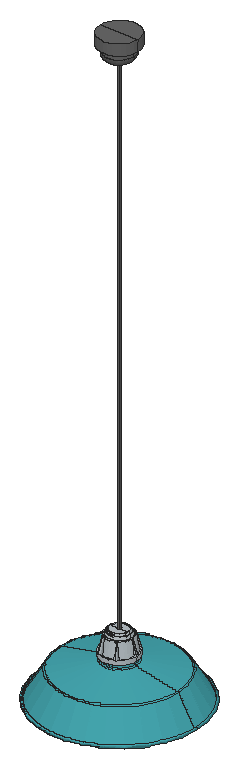
Revit family "Urban Warehouse WFU5 14,16,18,20,22", category Lighting Fixtures, Revit 2020
Family settings
  Round Connector Dimension = Use Diameter
  Part Type = Normal
  OmniClass Number = 23.80.70.00
  OmniClass Title = Lighting
  Work Plane-Based = No
  Always vertical = Yes
  Cut with Voids When Loaded = No
  Light Source = Yes
  Shared = No
  Room Calculation Point = No
Parameters (values of type "WFU522")
  b = 0' - 3"
  a = 0' - 10"
  Weight = "5.7 lb"
  Wattage Comments = "200 W Max"  # constant formula
  Wattage = 9.2903 W
  Warranty = "5 year limited warranty"  # constant formula
  WFU522 = yes
  WFU520 = no
  WFU518 = no
  WFU516 = no
  WFU514 = no
  built-in parameter 1150110 = 1 (stored number, unit not read)
  Voltage = 120 V
  URL = "https://www.anplighting.com/assets/Uploads/product-attachments/specification-sheets/ANP-Specification-Sheet-INC-WFU522.pdf"
  built-in parameter 1114217 = 1 (stored number, unit not read)
  Tilt Angle = 90.00°
  built-in parameter 1150109 = 1 (stored number, unit not read)
  built-in parameter 1150134 = 3
  built-in parameter 1150113 = 1 (stored number, unit not read)
  Photometric Web File = "generic"
  built-in parameter 1150142 = (empty or 0)
  Mounting Option [instance] = 1
  Power Factor = 1
  Post Mount [instance] = Mounting Option = 5  # no
  Placement X axis side [instance] = if(Post Mount, 2' 2 15/32", if(Cord or Stem Mount, 0' 0", if(E36 20 inch, 1' 8 1/4", if(E 6 26 inch, 2' 2", if(E7 41 inch, 3' 5 1/4", 0' 1")))))  # 0' - 0"
  Model = "WFU522"
  Manufacturer = "ANP Lighting"  # constant formula
  built-in parameter 1150105 = 109.82 (stored number, unit not read)
  Lumens = 1380 lm
  built-in parameter 1150115 = 1 (stored number, unit not read)
  Load Classification = Lighting
  Light Source Height [instance] = 0' - 0"
  built-in parameter 1150137 = (empty or 0)
  built-in parameter 1150139 = (empty or 0)
  Light Elevation _2 [instance] = if(Post Mount, 0' 0.66142", if(E7 41 inch, 0' 0.66142", if(E36 20 inch, 0' 1.65748", if(E 6 26 inch, 0' 1.53543", if(Cord or Stem Mount, (0' 4.3622" + Cord Length), 0' 0")))))  # 6' - 4.3622"
  Light Elevation _1 [instance] = if(Post Mount, 0' 0", if(E7 41 inch, 0' 0", if(E36 20 inch, 0' 1", if(E 6 26 inch, 0' 0.87402", if(Cord or Stem Mount, (0' 3.66142" + Cord Length), 0' 0")))))  # 6' - 3.66142"
  Light Elevation [instance] = if(Post Mount, 14' 0.5315", if(E7 41 inch, 0' 0", 0' 0"))  # 0' - 0"
  Life = "L70 50,000 hours"  # constant formula
  built-in parameter 1150112 = 1 (stored number, unit not read)
  built-in parameter 1150114 = 1 (stored number, unit not read)
  Lamp = "Incandescent"  # constant formula
  built-in parameter 1150132 = (empty or 0)
  built-in parameter 1150102 = (empty or 0)
  built-in parameter 1150107 = 3200 (stored number, unit not read)
  built-in parameter 1150138 = (empty or 0)
  built-in parameter 1150106 = 1.0982 (stored number, unit not read)
  HUB = Putty
  Fixture Height = 0' - 9 1/8"
  Fixture Diameter = 1' - 10"
  Efficiency = "65-125 lumens per watt"  # constant formula
  built-in parameter 1150104 = 13.8 (stored number, unit not read)
  E7 41 inch [instance] = Mounting Option = 4  # no
  E36 20 inch [instance] = Mounting Option = 3  # no
  E 6 26 inch [instance] = Mounting Option = 2  # no
  Dimming Lamp Color Temperature Shift = <None>
  Dimming = "1%"  # constant formula
  Description = "120-277 Voltage"  # constant formula
  Default Elevation = 0' - 0"
  Cord or Stem Mount [instance] = Mounting Option = 1  # yes
  Cord Length option [instance] = 0
  Cord Length [instance] = if([2' Cord], 2' 0", if([4' Cord], 4' 0", if([8' Cord], 8' 0", if([10' Cord], 10' 0", if([6' Cord], 6' 0", 6' 0")))))  # 6' - 0"
  Construction Material = "Heavy Duty spun aluminum."  # constant formula
  Color Filter = 16777215
  Canopy Body = Aqua Green
  CRI = ">90"  # constant formula
  Body Material = body
  Body Colour = "Spun aluminium"  # constant formula
  built-in parameter 1114218 = 1 (stored number, unit not read)
  BULB = yes
  built-in parameter 1150133 = 10 (stored number, unit not read)
  Apparent Load = 200 VA
  8' Cord [instance] = Cord Length option = 8  # no
  6' Cord [instance] = Cord Length option = 6  # no
  4' Cord [instance] = Cord Length option = 4  # no
  2' Cord [instance] = Cord Length option = 2  # no
  10' Cord [instance] = Cord Length option = 10  # no
Reference planes (in)
  plane 1 "Light Source Axis (F/B)": y = 0
  plane 2: z = 0
  plane 3 "Light Source Axis (L/R)": x = 0
  plane 4 "Light Source Elevation": z = 0
  plane 5: z = 0
  plane 6: x = 0
  plane 7 "Bulb Position": z = -76.3622
  plane 8 "Canopy Position": z = -75.66142
  plane 9 "IES": z = -76.3622
  plane 10: z = 164.5315
  plane 11: z = -85.66142
  plane 12: z = -82.66142
  plane 13: z = -80.23029
Dimensions and locks (in)
  "Light Elevation": plane 5 to plane 2
  "Placement X axis side": plane 6 to plane 3 "Light Source Axis (L/R)"
  "Light Elevation _2": plane 5 to plane 7 "Bulb Position"
  "Light Elevation _1": plane 5 to plane 8 "Canopy Position"
  "Light Source Height": plane 7 "Bulb Position" to plane 9 "IES"
  locked: plane 4 "Light Source Elevation" to plane 2
  "a": plane 8 "Canopy Position" to plane 11
  "b": plane 12 to plane 11
  locked: plane 13 to plane 12 at 2.43113
  aligned and locked: level to plane 2
  aligned and locked: plane 1 "Light Source Axis (F/B)" to nested 5
  aligned and locked: nested 5 to plane 2
  aligned and locked: nested 1 to plane 3 "Light Source Axis (L/R)"
  aligned and locked: plane 3 "Light Source Axis (L/R)" to nested 2
  aligned and locked: plane 3 "Light Source Axis (L/R)" to nested 4
  aligned and locked: nested 3 to plane 5
  aligned and locked: plane 3 "Light Source Axis (L/R)" to nested 3
  aligned and locked: plane 1 "Light Source Axis (F/B)" to nested 2
  aligned and locked: plane 1 "Light Source Axis (F/B)" to nested 1
  aligned and locked: plane 1 "Light Source Axis (F/B)" to nested 4
  aligned and locked: plane 1 "Light Source Axis (F/B)" to nested 3
  aligned and locked: plane 2 to nested 1
  aligned and locked: plane 2 to nested 2
  aligned and locked: nested 4 to plane 2
  aligned and locked: imposter light to plane 6
  aligned and locked: plane 12 to imposter light
  aligned and locked: imposter light to plane 1 "Light Source Axis (F/B)"
  aligned and locked: plane 1 "Light Source Axis (F/B)" to nested 10
  aligned and locked: plane 3 "Light Source Axis (L/R)" to nested 10
  aligned and locked: plane 1 "Light Source Axis (F/B)" to nested 6
  aligned and locked: plane 1 "Light Source Axis (F/B)" to nested 7
  aligned and locked: plane 1 "Light Source Axis (F/B)" to nested 8
  aligned and locked: plane 1 "Light Source Axis (F/B)" to nested 9
  aligned and locked: plane 8 "Canopy Position" to nested 10
  aligned and locked: nested 6 to plane 8 "Canopy Position"
  aligned and locked: nested 7 to plane 8 "Canopy Position"
  aligned and locked: nested 8 to plane 8 "Canopy Position"
  aligned and locked: plane 8 "Canopy Position" to nested 9
  aligned and locked: plane 3 "Light Source Axis (L/R)" to nested 6
  aligned and locked: plane 3 "Light Source Axis (L/R)" to nested 7
  aligned and locked: plane 3 "Light Source Axis (L/R)" to nested 8
  aligned and locked: plane 3 "Light Source Axis (L/R)" to nested 9
Nested families (in)
  nested 1: "CORD OR STEM MOUNT" at (0, 0, -75.67), visible <- "Cord or Stem Mount", Cord or Stem Mount <- "Cord or Stem Mount", Body Material <- "Body Material", Light Elevation <- "Light Elevation", Cord Length <- "Cord Length", 10' Cord <- "10' Cord", 2' Cord <- "2' Cord", 4' Cord <- "4' Cord", 6' Cord <- "6' Cord", 8' Cord <- "8' Cord", type "CORD OR STEM MOUNT"
    with Light Elevation 0' - 0", Cord or Stem Mount yes, Cord Length 6' - 0", Body Material body, 8' Cord no, 6' Cord no, 4' Cord no, 2' Cord no, 10' Cord no
  nested 2: "E6 26 INCH" at (0, 0, 0), visible <- "E 6 26 inch", Chain Length <- "Cord Length", E 6 26 inch <- "E 6 26 inch", Placement X axis side <- "Placement X axis side", Body Material <- "Body Material", Light Elevation <- "Light Elevation", type "E6 26 INCH"
    with Placement X axis side 0' - 0", Light Elevation 0' - 0", E 6 26 inch no, Chain Length 6' - 0", Body Material body
  nested 3: "E7 41 INCH" at (0, 0, 0), Chain Length <- "Cord Length", visible <- "E7 41 inch", E7 41 inch <- "E7 41 inch", Placement X axis side <- "Placement X axis side", Body Material <- "Body Material", Light Elevation <- "Light Elevation", type "E7 41 INCH"
    with Placement X axis side 0' - 0", Light Elevation 0' - 0", E7 41 inch no, Chain Length 6' - 0", Body Material body
  nested 4: "E36 20 INCH" at (0, 0, 0), visible <- "E36 20 inch", E36 20 inch <- "E36 20 inch", Placement X axis side <- "Placement X axis side", Chain Length <- "Cord Length", Body Material <- "Body Material", Light Elevation <- "Light Elevation", type "E36 20 INCH"
    with Placement X axis side 0' - 0", Light Elevation 0' - 0", E36 20 inch no, Chain Length 6' - 0", Body Material body
  nested 5: "POST MOUNT" at (0, 0, 0), visible <- "Post Mount", Post Mount <- "Post Mount", Placement X axis side <- "Placement X axis side", Chain Length <- "Cord Length", Body Material <- "Body Material", Light Elevation <- "Light Elevation", type "POST MOUNT"
    with Post Mount no, Placement X axis side 0' - 0", Light Elevation 0' - 0", Chain Length 6' - 0", Body Material body
  nested 6: "WFU516_1" at (0, 0, -75.66142), WFU516 <- "WFU516", visible <- "WFU516", Body <- "Canopy Body", HUB <- "HUB", Light Elevation <- "Light Elevation", type "WFU516_1"
    with WFU516 no, Light Elevation 0' - 0", HUB Putty, Body Aqua Green
  nested 7: "WFU518_1" at (0, 0, -75.66142), WFU518 <- "WFU518", visible <- "WFU518", Body <- "Canopy Body", HUB <- "HUB", Light Elevation <- "Light Elevation", type "WFU518_1"
    with WFU518 no, Light Elevation 0' - 0", HUB Putty, Body Aqua Green
  nested 8: "WFU520_1" at (0, 0, -75.66142), WFU520 <- "WFU520", visible <- "WFU520", Body <- "Canopy Body", HUB <- "HUB", Light Elevation <- "Light Elevation", type "WFU520_1"
    with WFU520 no, Light Elevation 0' - 0", HUB Putty, Body Aqua Green
  nested 9: "WFU522_1" at (0, 0, -75.66142), WFU522 <- "WFU522", visible <- "WFU522", Body <- "Canopy Body", HUB <- "HUB", Light Elevation <- "Light Elevation", type "WFU522_1"
    with WFU522 yes, Light Elevation 0' - 0", HUB Putty, Body Aqua Green
  nested 10: "WFU514_1" at (0, 0, -75.66142), WFU514 <- "WFU514", visible <- "WFU514", Body <- "Canopy Body", HUB <- "HUB", Light Elevation <- "Light Elevation", type "WFU514_1"
    with WFU514 no, Light Elevation 0' - 0", HUB Putty, Body Aqua Green
Definition of nested family "CORD OR STEM MOUNT"
  Parameters (values of type "CORD OR STEM MOUNT")
    URL = ""
    Model = ""
    Manufacturer = ""
    Light Elevation [instance] = 1' - 7.69"
    Default Elevation = 0' - 0"
    Cord or Stem Mount [instance] = yes
    Cord Length [instance] = 6' - 0"
    Body Material [instance] = none
    8' Cord [instance] = no
    6' Cord [instance] = no
    4' Cord [instance] = no
    2' Cord [instance] = no
    10' Cord [instance] = no
  Reference planes (in)
    plane 1 "Light Source Axis (F/B)": y = 0
    plane 2: z = 0
    plane 3 "Light Source Axis (L/R)": x = 0
    plane 4 "Light Source Elevation": z = 23.125
    plane 5: z = 91.69
    plane 6: z = 19.69
  Forms (in)
    Extrusion 1, void, not visible
      sketch origin (0, 0, 2.38154) x (1, 0, 0) y (0, 0, 1)
        loop
          circle (0, 4.59925) r 0.16583
      from 1.18594 to 1.75
    Extrusion 2, void, not visible
      sketch origin (0, 0, 2.38154) x (0.707107, -0.707107, 0) y (0, 0, 1)
        loop
          circle (0, 4.59925) r 0.16583
      from 1.18594 to 1.75
    Extrusion 3, void, not visible
      sketch origin (0, 0, 2.38154) x (0.707107, 0.707107, 0) y (0, 0, 1)
        loop
          circle (0, 4.59925) r 0.16583
      from 1.18594 to 1.75
    Extrusion 4, void, not visible
      sketch origin (0, 0, 2.38154) x (0, 1, 0) y (0, 0, 1)
        loop
          circle (0, 4.59925) r 0.16583
      from 1.18594 to 1.75
    Extrusion 5, void, not visible
      sketch origin (0, 0, 2.38154) x (-0.707107, 0.707107, 0) y (0, 0, 1)
        loop
          circle (0, 4.59925) r 0.16583
      from 1.18594 to 1.75
    Extrusion 6, void, not visible
      sketch origin (0, 0, 2.38154) x (-1, 0, 0) y (0, 0, 1)
        loop
          circle (0, 4.59925) r 0.20678
      from 1.18594 to 1.75
    Extrusion 7, void, not visible
      sketch origin (0, 0, 2.38154) x (-0.707107, -0.707107, 0) y (0, 0, 1)
        loop
          circle (0, 4.59925) r 0.16583
      from 1.18594 to 1.75
    Extrusion 8, void, not visible
      sketch origin (0, 0, 2.38154) x (0, -1, 0) y (0, 0, 1)
        loop
          circle (0, 4.59925) r 0.16583
      from 1.18594 to 1.75
    Revolve 9, solid, material <- "Body Material", visible <- "Cord or Stem Mount"
      sketch origin (0, 0, 174.56698) x (1, 0, 0) y (0, 0, 1)
        loop
          line (2.6875, -79.20698) -> (0, -79.20698) -> (0, -82.87698) -> (0.125, -82.87698) -> (0.125, -82.83698) -> (0.75, -82.83698)
          arc (0.75, -82.83698) -> (0.81694, -82.77004) -> (0.75, -82.7031) r 0.06694
          line (0.75, -82.7031) -> (0.89763, -82.7031) -> (1.00223, -82.5985) -> (1.06587, -82.5985)
          arc (1.06587, -82.5985) -> (1.80099, -82.29401) -> (2.10549, -81.55888) r 1.03962
          line (2.10549, -81.55888) -> (2.10549, -81.03899)
          arc (2.10549, -81.03899) -> (2.12951, -80.981) -> (2.1875, -80.95698) r 0.08201
          line (2.1875, -80.95698) -> (2.1875, -80.70698) -> (2.6875, -80.70698) -> (2.6875, -79.20698)
        axis (0, -79.20698) -> (0, -82.87698)
      angle from 0 to 360
    Revolve 10, solid, material <- "Body Material", visible <- "Cord or Stem Mount"
      sketch origin (0, 0, 0) x (1, 0, 0) y (0, 0, 1)
        loop
          line (0, 91.69) -> (-0.125, 91.69) -> (-0.125, 19.69) -> (0, 19.69) -> (0, 91.69)
        axis (0, 19.69) -> (0, 91.69)
      angle from 0 to 360
  Dimensions and locks (in)
    "Light Elevation": plane 6 to plane 2
    "Cord Length": plane 5 to plane 6
    locked: Revolve 10 sketch curve to Revolve 10 sketch curve at 0.125
    aligned and locked: level to plane 2
    aligned and locked: Revolve 10 sketch curve to plane 3 "Light Source Axis (L/R)"
    aligned and locked: Revolve 10 sketch curve to plane 6
    aligned and locked: Revolve 10 sketch curve to plane 5
    aligned and locked: plane 3 "Light Source Axis (L/R)" to Revolve 10 sketch curve
  Automatic sketch dimensions
    Revolve 9 sketch curve to plane 3 "Light Source Axis (L/R)" = 0' - 0"  (x2)
    Revolve 9 sketch curve to plane 5 = 0' - 0"
    plane 3 "Light Source Axis (L/R)" to Revolve 9 sketch curve = 0' - 0 1/8"
    Revolve 9 sketch curve to plane 5 = 0' - 0.17388"
    Revolve 9 sketch curve to Revolve 9 sketch curve = 0' - 0 5/8"
    Revolve 9 sketch curve to Revolve 9 sketch curve = 0' - 0.14763"
    Revolve 9 sketch curve to plane 5 = 0' - 0.27847"
    Revolve 9 sketch curve to Revolve 9 sketch curve = 0' - 0.1046"
    Revolve 9 sketch curve to Revolve 9 sketch curve = 0' - 0.06364"
    Revolve 9 sketch curve to Revolve 9 sketch curve = 0' - 1.03962"
    Revolve 9 sketch curve to Revolve 9 sketch curve = 0' - 0 21/256"
    Revolve 9 sketch curve to Revolve 9 sketch curve = 0' - 0 1/2"  (x2)
    Revolve 9 sketch curve to Revolve 9 sketch curve = 0' - 0.51989"
    Revolve 9 sketch curve to Revolve 9 sketch curve = 0' - 0 1/4"
    Revolve 9 sketch curve to Revolve 9 sketch curve = 0' - 2.3519"
    Revolve 9 sketch curve to Revolve 9 sketch curve = 0' - 1 1/4"
    Revolve 9 sketch curve to Revolve 9 sketch curve = 0' - 0.04"
    Revolve 10 sketch curve to Revolve 10 sketch curve = 0' - 0 1/2"
    Revolve 10 sketch curve to Revolve 10 sketch curve = 0' - 0.42345"
Definition of nested family "WFU522_1"
  Parameters (values of type "WFU522_1")
    WFU522 [instance] = yes
    Light Elevation [instance] = 2' - 4.50963"
    HUB [instance] = none
    Default Elevation = 0' - 0"
    Body [instance] = none
  Reference planes (in)
    plane 1 "Center (Front/Back)": y = 0
    plane 2: z = 0
    plane 3 "Center (Left/Right)": x = 0
    plane 4: z = 28.50963
  Dimensions and locks (in)
    "Light Elevation": plane 4 to plane 2
    aligned and locked: plane 2 to level
    aligned and locked: plane 3 "Center (Left/Right)" to nested 1
    aligned and locked: plane 1 "Center (Front/Back)" to nested 1
    aligned and locked: plane 4 to nested 1
  Nested families (in)
    nested 1: "WFU522" at (0, 0, 19.38463), Body <- "Body", HUB <- "HUB", visible <- "WFU522", WFU522 <- "WFU522", type "WFU522"
      with WFU522 yes, HUB none, Body none
  Definition of nested family "WFU522"
    Parameters (values of type "WFU522")
      WFU522 [instance] = yes
      Body [instance] = none
      HUB [instance] = none
      Default Elevation = 0' - 0"
    Reference planes (in)
      plane 1 "Center (Front/Back)": y = 0
      plane 2: z = 0
      plane 3 "Center (Left/Right)": x = 0
      plane 4: z = 9.125
      plane 5: x = 11
      plane 6: x = -11
    Forms (in)
      Revolve 1, solid, material <- "HUB"
        sketch origin (0, 0, 0) x (1, 0, 0) y (0, 0, 1)
          loop
            arc (-1.26101, 9.125) -> (-1.28251, 9.11874) -> (-1.29727, 9.1019) r 0.04
            line (-1.29727, 9.1019) -> (-1.3986, 8.88459) -> (-1.49143, 8.88459)
            arc (-1.49143, 8.88459) -> (-1.51437, 8.87736) -> (-1.52902, 8.85827) r 0.04
            line (-1.52902, 8.85827) -> (-1.65794, 8.50405) -> (-1.82304, 8.50405)
            arc (-1.82304, 8.50405) -> (-1.84862, 8.4948) -> (-1.86237, 8.47134) r 0.04
            line (-1.86237, 8.47134) -> (-2.24058, 6.43159) -> (-2.5, 6.43159) -> (-2.5, 5.84434) -> (-2.28, 5.84434) -> (-2.28, 6.22434) -> (-2, 6.47434) -> (-1.6, 6.47434) -> (-1.34987, 8.25414)
            arc (-1.34987, 8.25414) -> (-1.26631, 8.40802) -> (-1.1023, 8.46934) r 0.25
            line (-1.1023, 8.46934) -> (-0.28, 8.46934) -> (-0.28, 9.125) -> (-1.26101, 9.125)
          axis (0, 9.125) -> (0, 5.84434)
        angle from 0 to 360
      Revolve 2, solid, material <- "Body"
        sketch origin (0, 0, 0.01514) x (1, 0, 0) y (0, 0, 1)
          loop
            line (-1.76269, 6.43159) -> (-1.85684, 6.43159) -> (-2.24983, 6.0386) -> (-2.24983, 5.3786)
            arc (-2.24983, 5.3786) -> (-2.29421, 5.25424) -> (-2.40729, 5.18607) r 0.19643
            line (-2.40729, 5.18607) -> (-8.25196, 4.00294)
            arc (-8.25196, 4.00294) -> (-8.35182, 3.96108) -> (-8.42793, 3.88406) r 0.2763
            line (-8.42793, 3.88406) -> (-10.72164, 0.13863)
            arc (-10.72164, 0.13863) -> (-10.76655, 0.09509) -> (-10.82689, 0.07858) r 0.12571
            arc (-10.82689, 0.07858) -> (-10.90598, 0.16764) -> (-10.80613, 0.23258) r 0.07857
            line (-10.80613, 0.23258) -> (-10.77991, 0.32258)
            arc (-10.77991, 0.32258) -> (-10.99889, 0.18016) -> (-10.82543, -0.01516) r 0.17232
            arc (-10.82543, -0.01516) -> (-10.7201, 0.01366) -> (-10.64169, 0.08967) r 0.21946
            line (-10.64169, 0.08967) -> (-8.34962, 3.83251)
            arc (-8.34962, 3.83251) -> (-8.29934, 3.8834) -> (-8.23336, 3.91106) r 0.18255
            line (-8.23336, 3.91106) -> (-2.38869, 5.09419)
            arc (-2.38869, 5.09419) -> (-2.22164, 5.19489) -> (-2.15608, 5.3786) r 0.29018
            line (-2.15608, 5.3786) -> (-2.15608, 5.99976) -> (-1.76269, 6.43159)
          axis (0, 6.43159) -> (0, -0.01516)
        angle from 0 to 360
      Revolve 3, solid, material <- "HUB"
        sketch origin (0, 0, 0) x (1, 0, 0) y (0, 0, 1)
          loop
            line (2.24058, 6.43159) -> (2.49108, 6.43159) -> (1.92916, 8.38082) -> (1.87916, 8.38082) -> (2.24058, 6.43159)
          axis (1.87916, 8.38082) -> (2.24891, 6.38669)
        angle from 0 to 360
      Revolve 4, solid, material <- "HUB"
        sketch origin (0, 0, 0) x (-1, 0, 0) y (0, 0, 1)
          loop
            line (2.24058, 6.43159) -> (2.49108, 6.43159) -> (1.92916, 8.38082) -> (1.87916, 8.38082) -> (2.24058, 6.43159)
          axis (1.87916, 8.38082) -> (2.24891, 6.38669)
        angle from 0 to 360
      Revolve 5, solid, material <- "HUB"
        sketch origin (0, 0, 0) x (0.5, 0.866025, 0) y (0, 0, 1)
          loop
            line (2.24058, 6.43159) -> (2.49108, 6.43159) -> (1.92916, 8.38082) -> (1.87916, 8.38082) -> (2.24058, 6.43159)
          axis (1.87916, 8.38082) -> (2.24891, 6.38669)
        angle from 0 to 360
      Revolve 6, solid, material <- "HUB"
        sketch origin (0, 0, 0) x (-0.5, -0.866025, 0) y (0, 0, 1)
          loop
            line (2.24058, 6.43159) -> (2.49108, 6.43159) -> (1.92916, 8.38082) -> (1.87916, 8.38082) -> (2.24058, 6.43159)
          axis (1.87916, 8.38082) -> (2.24891, 6.38669)
        angle from 0 to 360
      Revolve 7, solid, material <- "HUB"
        sketch origin (0, 0, 0) x (-0.5, 0.866025, 0) y (0, 0, 1)
          loop
            line (2.24058, 6.43159) -> (2.49108, 6.43159) -> (1.92916, 8.38082) -> (1.87916, 8.38082) -> (2.24058, 6.43159)
          axis (1.87916, 8.38082) -> (2.24891, 6.38669)
        angle from 0 to 360
      Revolve 8, solid, material <- "HUB"
        sketch origin (0, 0, 0) x (0.5, -0.866025, 0) y (0, 0, 1)
          loop
            line (2.24058, 6.43159) -> (2.49108, 6.43159) -> (1.92916, 8.38082) -> (1.87916, 8.38082) -> (2.24058, 6.43159)
          axis (1.87916, 8.38082) -> (2.24891, 6.38669)
        angle from 0 to 360
    Dimensions and locks (in)
      plane 4 to plane 2 = 0' - 9 1/8"
      plane 5 to plane 3 "Center (Left/Right)" = 0' - 11"
      plane 6 to plane 5 = 1' - 10"
      aligned and locked: plane 2 to level
Definition of nested family "E6 26 INCH"
  Parameters (values of type "E6 26 INCH")
    URL = ""
    Placement X axis side [instance] = 2' - 2"
    Model = ""
    Manufacturer = ""
    Light Elevation [instance] = 8' - 4"
    E 6 26 inch [instance] = yes
    Default Elevation = 0' - 0"
    Chain Length [instance] = 0' - 0"
    Body Material [instance] = none
  Reference planes (in)
    plane 1 "Light Source Axis (F/B)": y = 0
    plane 2: z = 0
    plane 3 "Light Source Axis (L/R)": x = 0
    plane 4 "Light Source Elevation": z = 23.125
    plane 5: z = 100
    plane 6: x = -26
    plane 7: z = 99.125
    plane 8: x = -24.12
    plane 9: x = -25.5474
  Forms (in)
    Extrusion 1, void, not visible
      sketch origin (0, 0, 2.38154) x (1, 0, 0) y (0, 0, 1)
        loop
          circle (0, 4.59925) r 0.16583
      from 1.18594 to 1.75
    Extrusion 2, void, not visible
      sketch origin (0, 0, 2.38154) x (0.707107, -0.707107, 0) y (0, 0, 1)
        loop
          circle (0, 4.59925) r 0.16583
      from 1.18594 to 1.75
    Extrusion 3, void, not visible
      sketch origin (0, 0, 2.38154) x (0.707107, 0.707107, 0) y (0, 0, 1)
        loop
          circle (0, 4.59925) r 0.16583
      from 1.18594 to 1.75
    Extrusion 4, void, not visible
      sketch origin (0, 0, 2.38154) x (0, 1, 0) y (0, 0, 1)
        loop
          circle (0, 4.59925) r 0.16583
      from 1.18594 to 1.75
    Extrusion 5, void, not visible
      sketch origin (0, 0, 2.38154) x (-0.707107, 0.707107, 0) y (0, 0, 1)
        loop
          circle (0, 4.59925) r 0.16583
      from 1.18594 to 1.75
    Extrusion 6, void, not visible
      sketch origin (0, 0, 2.38154) x (-1, 0, 0) y (0, 0, 1)
        loop
          circle (0, 4.59925) r 0.20678
      from 1.18594 to 1.75
    Extrusion 7, void, not visible
      sketch origin (0, 0, 2.38154) x (-0.707107, -0.707107, 0) y (0, 0, 1)
        loop
          circle (0, 4.59925) r 0.16583
      from 1.18594 to 1.75
    Extrusion 8, void, not visible
      sketch origin (0, 0, 2.38154) x (0, -1, 0) y (0, 0, 1)
        loop
          circle (0, 4.59925) r 0.16583
      from 1.18594 to 1.75
    Sweep 9, solid, material <- "Body Material", visible <- "E 6 26 inch"
      path origin (-41.25, 0, 168.51693) x (1, 0, 0) y (0, 0, 1)
        loop
          line (17.13, -68.51693) -> (27.68551, -68.51693)
          arc (27.68551, -68.51693) -> (28.47996, -68.34486) -> (29.13202, -67.8595) r 1.92004
          line (29.13202, -67.8595) -> (34.23651, -62.01155)
          arc (34.23651, -62.01155) -> (38.65464, -60.89667) -> (41.25, -64.64193) r 4
          line (41.25, -64.64193) -> (41.25, -69.39193)
      profile origin (-18.84224, 0, 100) x (0, 0, 1) y (0, -1, 0)
        loop
          circle (0, 0) r 0.5
    Revolve 10, solid, material <- "Body Material", visible <- "E 6 26 inch"
      sketch origin (-26, 0, 168.51693) x (1, 0, 0) y (0, 0, 1)
        loop
          line (0, -66.07943) -> (0, -68.51693) -> (1.88, -68.51693) -> (1.88, -67.69272) -> (0.4526, -67.69272) -> (0.4526, -66.54122) -> (0.33125, -66.54122) -> (0.33125, -66.07943) -> (0, -66.07943)
        axis (0, -68.51693) -> (1.88, -68.51693)
      angle from 0 to 360
    Extrusion 11, solid, material <- "Body Material", visible <- "E 6 26 inch"
      sketch origin (-26, 0, 168.51693) x (0, -1, 0) y (0, 0, -1)
        loop
          line (0.25, 68.51693) -> (0.25, 69.51693) -> (-0.25, 69.51693) -> (-0.25, 68.51693) -> (0.25, 68.51693)
      from 0.4526 to 1.88
  Cuts and joins
    joined: Revolve 10, Extrusion 11
  Dimensions and locks (in)
    "Light Elevation": plane 5 to plane 2
    "Placement X axis side": plane 3 "Light Source Axis (L/R)" to plane 6
    locked: plane 5 to plane 7 at 0.875
    Revolve 10 sketch curve to Revolve 10 sketch curve to Revolve 10 sketch curve to plane 6 = 0' - 1.4274" locked, 0' - 0.12135" locked, 0' - 0.33125" locked
    Revolve 10 sketch curve to Revolve 10 sketch curve to Revolve 10 sketch curve to plane 5 = 0' - 0.46179" locked, 0' - 1.1515" locked, 0' - 0 211/256" locked
    locked: Sweep 9 sketch curve to plane 6 at 1.88
    locked: Sweep 9 sketch curve to Sweep 9 sketch curve at 10.55551
    locked: Sweep 9 sketch curve to Sweep 9 sketch curve at 13.56449
    locked: Sweep 9 sketch curve to Sweep 9 sketch curve at 4.75
    locked: plane 9 to plane 6 at 0.4526
    locked: plane 8 to plane 9 at 1.4274
    aligned and locked: level to plane 2
    aligned and locked: Revolve 10 sketch curve to plane 6
    aligned and locked: plane 5 to Revolve 10 sketch curve
    aligned and locked: Revolve 10 sketch curve to plane 5
    aligned and locked: cut or joined group of Revolve 10, Extrusion 11 to plane 9
    aligned and locked: plane 8 to cut or joined group of Revolve 10, Extrusion 11
  Automatic sketch dimensions
    Sweep 9 sketch curve to plane 5 = 0' - 0"
    Sweep 9 sketch curve to Sweep 9 sketch curve = 0' - 4"
    Sweep 9 sketch curve to Sweep 9 sketch curve = 0' - 3.01349"
    plane 5 to Sweep 9 sketch curve = 0' - 0.65743"
    Sweep 9 sketch curve to Sweep 9 sketch curve = 0' - 1.4465"
    Sweep 9 sketch curve to plane 5 = 0' - 0 7/8"
    profile plane to Sweep 9 sketch curve = 0' - 0"
    Sweep 9 sketch curve to profile plane = 0' - 0"
    plane 6 to Revolve 10 sketch curve = 0' - 0.62562"
    Revolve 10 sketch curve to Revolve 10 sketch curve = 0' - 0 1/2"
    Extrusion 11 sketch curve to plane 5 = 0' - 0"
    plane 1 "Light Source Axis (F/B)" to Extrusion 11 sketch curve = 0' - 0 1/4"
    Extrusion 11 sketch curve to plane 1 "Light Source Axis (F/B)" = 0' - 0 1/4"
    plane 5 to Extrusion 11 sketch curve = 0' - 1"
    radius of Sweep 9 sketch curve = 0' - 0 1/2"
Definition of nested family "E7 41 INCH"
  Parameters (values of type "E7 41 INCH")
    URL = ""
    Placement X axis side [instance] = 4' - 2"
    Model = ""
    Manufacturer = ""
    Light Elevation [instance] = 8' - 4"
    E7 41 inch [instance] = yes
    Default Elevation = 0' - 0"
    Chain Length [instance] = 0' - 0"
    Body Material [instance] = none
  Reference planes (in)
    plane 1 "Light Source Axis (F/B)": y = 0
    plane 2: z = 0
    plane 3 "Light Source Axis (L/R)": x = 0
    plane 4 "Light Source Elevation": z = 23.125
    plane 5: z = 100
    plane 6: x = -50
  Forms (in)
    Extrusion 1, void, not visible
      sketch origin (0, 0, 2.38154) x (1, 0, 0) y (0, 0, 1)
        loop
          circle (0, 4.59925) r 0.16583
      from 1.18594 to 1.75
    Extrusion 2, void, not visible
      sketch origin (0, 0, 2.38154) x (0.707107, -0.707107, 0) y (0, 0, 1)
        loop
          circle (0, 4.59925) r 0.16583
      from 1.18594 to 1.75
    Extrusion 3, void, not visible
      sketch origin (0, 0, 2.38154) x (0.707107, 0.707107, 0) y (0, 0, 1)
        loop
          circle (0, 4.59925) r 0.16583
      from 1.18594 to 1.75
    Extrusion 4, void, not visible
      sketch origin (0, 0, 2.38154) x (0, 1, 0) y (0, 0, 1)
        loop
          circle (0, 4.59925) r 0.16583
      from 1.18594 to 1.75
    Extrusion 5, void, not visible
      sketch origin (0, 0, 2.38154) x (-0.707107, 0.707107, 0) y (0, 0, 1)
        loop
          circle (0, 4.59925) r 0.16583
      from 1.18594 to 1.75
    Extrusion 6, void, not visible
      sketch origin (0, 0, 2.38154) x (-1, 0, 0) y (0, 0, 1)
        loop
          circle (0, 4.59925) r 0.20678
      from 1.18594 to 1.75
    Extrusion 7, void, not visible
      sketch origin (0, 0, 2.38154) x (-0.707107, -0.707107, 0) y (0, 0, 1)
        loop
          circle (0, 4.59925) r 0.16583
      from 1.18594 to 1.75
    Extrusion 8, void, not visible
      sketch origin (0, 0, 2.38154) x (0, -1, 0) y (0, 0, 1)
        loop
          circle (0, 4.59925) r 0.16583
      from 1.18594 to 1.75
    Revolve 9, solid, material <- "Body Material", visible <- "E7 41 inch"
      sketch origin (-41.25, 0, 168.39193) x (1, 0, 0) y (0, 0, 1)
        loop
          line (-8.75, -66.20443) -> (-8.75, -68.51693) -> (-6.87, -68.51693) -> (-6.87, -67.69272) -> (-8.2974, -67.69272) -> (-8.2974, -66.54122) -> (-8.41875, -66.54122) -> (-8.41875, -66.20443) -> (-8.75, -66.20443)
        axis (-8.75, -68.51693) -> (-6.87, -68.51693)
      angle from 0 to 360
    Extrusion 10, solid, material <- "Body Material", visible <- "E7 41 inch"
      sketch origin (-41.25, 0, 168.39193) x (0, -1, 0) y (0, 0, -1)
        loop
          line (0.25, 68.51693) -> (0.25, 69.51693) -> (-0.25, 69.51693) -> (-0.25, 68.51693) -> (0.25, 68.51693)
      from -8.2974 to -6.87
    Sweep 11, solid, material <- "Body Material", visible <- "E7 41 inch"
      path origin (-41.25, 0, 168.39193) x (1, 0, 0) y (0, 0, 1)
        loop
          line (-6.87, -68.51693) -> (16.04011, -68.51693)
          arc (16.04011, -68.51693) -> (17.864, -68.13651) -> (19.38375, -67.0587) r 4.5625
          line (19.38375, -67.0587) -> (24.70217, -61.33018)
          arc (24.70217, -61.33018) -> (29.64465, -60.20324) -> (32.5, -64.39193) r 4.5
          line (32.5, -64.39193) -> (32.5, -68.39193)
      profile origin (-36.66494, 0, 99.875) x (0, 0, 1) y (0, -1, 0)
        loop
          circle (0, 0) r 0.5
  Dimensions and locks (in)
    "Placement X axis side": plane 3 "Light Source Axis (L/R)" to plane 6
    "Light Elevation": plane 5 to plane 2
    locked: Revolve 9 sketch curve to Revolve 9 sketch curve at 0.33125
    locked: Revolve 9 sketch curve to Revolve 9 sketch curve at 0.4526
    locked: Revolve 9 sketch curve to Revolve 9 sketch curve at 1.88
    locked: Revolve 9 sketch curve to Revolve 9 sketch curve at 0.82421
    locked: Revolve 9 sketch curve to Revolve 9 sketch curve at 1.1515
    locked: Revolve 9 sketch curve to Revolve 9 sketch curve at 0.33679
    locked: plane 5 to Revolve 9 sketch curve at 0.125
    locked: Extrusion 10 sketch curve to Extrusion 10 sketch curve at 0.5
    locked: Extrusion 10 sketch curve to Extrusion 10 sketch curve at 1
    locked: plane 5 to Extrusion 10 sketch curve at 0.125
    locked: plane 5 to Sweep 11 sketch curve at 0.125
    locked: Sweep 11 sketch curve to Sweep 11 sketch curve at 39.37
    locked: Sweep 11 sketch curve to Sweep 11 sketch curve at 4
    locked: plane 6 to Extrusion 10 at 0.4526
    locked: Sweep 11 sketch curve to plane 6 at 1.88
    locked: Extrusion 10 to Extrusion 10 at 1.4274
    aligned and locked: plane 2 to level
    aligned and locked: Revolve 9 sketch curve to plane 6
  Automatic sketch dimensions
    Revolve 9 sketch curve to plane 5 = 0' - 0 1/8"
    plane 6 to Revolve 9 sketch curve = 0' - 0.62562"
    Revolve 9 sketch curve to Revolve 9 sketch curve = 0' - 0 1/2"
    plane 1 "Light Source Axis (F/B)" to Extrusion 10 sketch curve = 0' - 0 1/4"
    Sweep 11 sketch curve to plane 5 = 0' - 0"
    Sweep 11 sketch curve to Sweep 11 sketch curve = 0' - 4 1/2"
    Sweep 11 sketch curve to Sweep 11 sketch curve = 0' - 3.29783"
    plane 5 to Sweep 11 sketch curve = 0' - 1.33323"
    Sweep 11 sketch curve to Sweep 11 sketch curve = 0' - 5.31842"
    Sweep 11 sketch curve to Sweep 11 sketch curve = 0' - 3.34364"
    profile plane to Sweep 11 sketch curve = 0' - 0"
    Sweep 11 sketch curve to profile plane = 0' - 0"
    radius of Sweep 11 sketch curve = 0' - 0 1/2"
Definition of nested family "E36 20 INCH"
  Parameters (values of type "E36 20 INCH")
    URL = ""
    Placement X axis side [instance] = 1' - 8 1/4"
    Model = ""
    Manufacturer = ""
    Light Elevation [instance] = 8' - 4"
    E36 20 inch [instance] = yes
    Default Elevation = 0' - 0"
    Chain Length [instance] = 0' - 0"
    Body Material [instance] = none
  Reference planes (in)
    plane 1 "Light Source Axis (F/B)": y = 0
    plane 2: z = 0
    plane 3 "Light Source Axis (L/R)": x = 0
    plane 4 "Light Source Elevation": z = 23.125
    plane 5: z = 99
    plane 6: x = -20.25
    plane 7: z = 100
    plane 8: x = -18.37008
    plane 9: x = -19.79724
  Forms (in)
    Extrusion 1, void, not visible
      sketch origin (0, 0, 2.38154) x (1, 0, 0) y (0, 0, 1)
        loop
          circle (0, 4.59925) r 0.16583
      from 1.18594 to 1.75
    Extrusion 2, void, not visible
      sketch origin (0, 0, 2.38154) x (0.707107, -0.707107, 0) y (0, 0, 1)
        loop
          circle (0, 4.59925) r 0.16583
      from 1.18594 to 1.75
    Extrusion 3, void, not visible
      sketch origin (0, 0, 2.38154) x (0.707107, 0.707107, 0) y (0, 0, 1)
        loop
          circle (0, 4.59925) r 0.16583
      from 1.18594 to 1.75
    Extrusion 4, void, not visible
      sketch origin (0, 0, 2.38154) x (0, 1, 0) y (0, 0, 1)
        loop
          circle (0, 4.59925) r 0.16583
      from 1.18594 to 1.75
    Extrusion 5, void, not visible
      sketch origin (0, 0, 2.38154) x (-0.707107, 0.707107, 0) y (0, 0, 1)
        loop
          circle (0, 4.59925) r 0.16583
      from 1.18594 to 1.75
    Extrusion 6, void, not visible
      sketch origin (0, 0, 2.38154) x (-1, 0, 0) y (0, 0, 1)
        loop
          circle (0, 4.59925) r 0.20678
      from 1.18594 to 1.75
    Extrusion 7, void, not visible
      sketch origin (0, 0, 2.38154) x (-0.707107, -0.707107, 0) y (0, 0, 1)
        loop
          circle (0, 4.59925) r 0.16583
      from 1.18594 to 1.75
    Extrusion 8, void, not visible
      sketch origin (0, 0, 2.38154) x (0, -1, 0) y (0, 0, 1)
        loop
          circle (0, 4.59925) r 0.16583
      from 1.18594 to 1.75
    Sweep 9, solid, material <- "Body Material", visible <- "E36 20 inch"
      path origin (-41.25, 0, 169.51693) x (1, 0, 0) y (0, 0, 1)
        loop
          line (22.88, -69.51693) -> (28.93827, -69.51693)
          arc (28.93827, -69.51693) -> (29.97705, -69.28152) -> (30.81284, -68.62128) r 2.40953
          line (30.81284, -68.62128) -> (34.13807, -64.50378)
          arc (34.13807, -64.50378) -> (38.58272, -63.24548) -> (41.25, -67.01693) r 4
          line (41.25, -67.01693) -> (41.25, -70.51693)
      profile origin (-15.34086, 0, 100) x (0, 0, 1) y (0, -1, 0)
        loop
          circle (0, 0) r 0.5
    Revolve 10, solid, material <- "Body Material", visible <- "E36 20 inch"
      sketch origin (-20.25, 0, 169.51693) x (1, 0, 0) y (0, 0, 1)
        loop
          line (0, -67.20443) -> (0, -69.51693) -> (1.88, -69.51693) -> (1.88, -68.69272) -> (0.4526, -68.69272) -> (0.4526, -67.54122) -> (0.33125, -67.54122) -> (0.33125, -67.20443) -> (0, -67.20443)
        axis (0, -69.51693) -> (1.88, -69.51693)
      angle from 0 to 360
    Extrusion 11, solid, material <- "Body Material", visible <- "E36 20 inch"
      sketch origin (-20.25, 0, 169.51693) x (0, -1, 0) y (0, 0, -1)
        loop
          line (0.25, 69.51693) -> (0.25, 70.51693) -> (-0.25, 70.51693) -> (-0.25, 69.51693) -> (0.25, 69.51693)
      from 1.87992 to 0.45276
  Cuts and joins
    joined: Revolve 10, Extrusion 11
  Dimensions and locks (in)
    "Light Elevation": plane 7 to plane 2
    "Placement X axis side": plane 3 "Light Source Axis (L/R)" to plane 6
    locked: plane 7 to plane 5 at 1
    Revolve 10 sketch curve to Revolve 10 sketch curve to Revolve 10 sketch curve to plane 7 = 0' - 0.33679" locked, 0' - 1.1515" locked, 0' - 0 211/256" locked
    locked: Sweep 9 sketch curve to plane 6 at 1.88
    locked: Sweep 9 sketch curve to Sweep 9 sketch curve at 6.05827
    locked: Sweep 9 sketch curve to Sweep 9 sketch curve at 12.31173
    locked: Sweep 9 sketch curve to Sweep 9 sketch curve at 3.5
    Revolve 10 sketch curve to Revolve 10 sketch curve to Revolve 10 sketch curve to plane 6 = 0' - 1.4274" locked, 0' - 0.12135" locked, 0' - 0.33125" locked
    locked: plane 9 to plane 6 at 0.45276
    locked: plane 8 to plane 9 at 1.42717
    aligned and locked: level to plane 2
    aligned and locked: plane 7 to Revolve 10 sketch curve
    aligned and locked: Revolve 10 sketch curve to plane 7
    aligned and locked: Revolve 10 sketch curve to plane 6
    aligned and locked: cut or joined group of Revolve 10, Extrusion 11 to plane 9
    aligned and locked: plane 8 to cut or joined group of Revolve 10, Extrusion 11
  Automatic sketch dimensions
    Sweep 9 sketch curve to plane 7 = 0' - 0"
    Sweep 9 sketch curve to plane 5 = 0' - 0"
    Sweep 9 sketch curve to Sweep 9 sketch curve = 0' - 4"
    Sweep 9 sketch curve to plane 7 = 0' - 0.89565"
    Sweep 9 sketch curve to Sweep 9 sketch curve = 0' - 3.32523"
    Sweep 9 sketch curve to Sweep 9 sketch curve = 0' - 1.87457"
    profile plane to Sweep 9 sketch curve = 0' - 0"
    Sweep 9 sketch curve to profile plane = 0' - 0"
    plane 6 to Revolve 10 sketch curve = 0' - 0.62562"
    Revolve 10 sketch curve to Revolve 10 sketch curve = 0' - 0 1/2"
    plane 7 to Extrusion 11 sketch curve = 0' - 0"
    Extrusion 11 sketch curve to plane 5 = 0' - 0"
    plane 1 "Light Source Axis (F/B)" to Extrusion 11 sketch curve = 0' - 0 1/4"
    Extrusion 11 sketch curve to plane 1 "Light Source Axis (F/B)" = 0' - 0 1/4"
    radius of Sweep 9 sketch curve = 0' - 0 1/2"
Definition of nested family "POST MOUNT"
  Parameters (values of type "POST MOUNT")
    URL = ""
    Post Mount [instance] = yes
    Placement X axis side [instance] = 2' - 2 1/2"
    Model = ""
    Manufacturer = ""
    Light Elevation [instance] = 14' - 0.5168"
    Default Elevation = 0' - 0"
    Chain Length [instance] = 0' - 0"
    Body Material [instance] = none
  Reference planes (in)
    plane 1 "Light Source Axis (F/B)": y = 0
    plane 2: z = 0
    plane 3 "Light Source Axis (L/R)": x = 0
    plane 4 "Light Source Elevation": z = 23.125
    plane 5: x = -26.5
    plane 6: z = 168.5168
  Forms (in)
    Extrusion 1, void, not visible
      sketch origin (0, 0, 2.38154) x (1, 0, 0) y (0, 0, 1)
        loop
          circle (0, 4.59925) r 0.16583
      from 1.18594 to 1.75
    Extrusion 2, void, not visible
      sketch origin (0, 0, 2.38154) x (0.707107, -0.707107, 0) y (0, 0, 1)
        loop
          circle (0, 4.59925) r 0.16583
      from 1.18594 to 1.75
    Extrusion 3, void, not visible
      sketch origin (0, 0, 2.38154) x (0.707107, 0.707107, 0) y (0, 0, 1)
        loop
          circle (0, 4.59925) r 0.16583
      from 1.18594 to 1.75
    Extrusion 4, void, not visible
      sketch origin (0, 0, 2.38154) x (0, 1, 0) y (0, 0, 1)
        loop
          circle (0, 4.59925) r 0.16583
      from 1.18594 to 1.75
    Extrusion 5, void, not visible
      sketch origin (0, 0, 2.38154) x (-0.707107, 0.707107, 0) y (0, 0, 1)
        loop
          circle (0, 4.59925) r 0.16583
      from 1.18594 to 1.75
    Extrusion 6, void, not visible
      sketch origin (0, 0, 2.38154) x (-1, 0, 0) y (0, 0, 1)
        loop
          circle (0, 4.59925) r 0.20678
      from 1.18594 to 1.75
    Extrusion 7, void, not visible
      sketch origin (0, 0, 2.38154) x (-0.707107, -0.707107, 0) y (0, 0, 1)
        loop
          circle (0, 4.59925) r 0.16583
      from 1.18594 to 1.75
    Extrusion 8, void, not visible
      sketch origin (0, 0, 2.38154) x (0, -1, 0) y (0, 0, 1)
        loop
          circle (0, 4.59925) r 0.16583
      from 1.18594 to 1.75
    Revolve 9, solid, material <- "Body Material", visible <- "Post Mount"
      sketch origin (-7.90508, 0, 0) x (1, 0, 0) y (0, 0, 1)
        loop
          line (-18.59492, 3.92912) -> (-16.29831, 3.92912) -> (-16.29831, 4.2668) -> (-16.91413, 4.2668) -> (-16.91413, 134.5168) -> (-17.16413, 134.5168) -> (-17.16413, 137.3918) -> (-17.05979, 137.3918)
          arc (-17.05979, 137.3918) -> (-16.93479, 137.5168) -> (-17.05979, 137.6418) r 0.125
          line (-17.05979, 137.6418) -> (-17.48032, 137.6418) -> (-17.48032, 139.0793) -> (-17.73032, 139.0793) -> (-17.73032, 139.5793) -> (-18.59492, 139.5793) -> (-18.59492, 3.92912)
        axis (-18.59492, 139.5793) -> (-18.59492, 3.92912)
      angle from 0 to 360
    Extrusion 10, solid, material <- "Body Material", visible <- "Post Mount"
      sketch origin (0, 0, 0) x (1, 0, 0) y (0, 1, 0)
        loop
          line (-20.5, 5.93079) -> (-32.5, 5.93079) -> (-32.5, -6.06921) -> (-20.5, -6.06921) -> (-20.5, 5.93079)
      from 0 to 3.92912
    Sweep 11, solid, material <- "Body Material", visible <- "Post Mount"
      path origin (0, 0, 48.5) x (1, 0, 0) y (0, 0, 1)
        loop
          line (0, 120.0168) -> (0, 128.0168)
          arc (0, 128.0168) -> (-13.25, 141.2668) -> (-26.5, 128.0168) r 13.25
          line (-26.5, 128.0168) -> (-26.5, 91.0793)
      profile origin (0, 0, 172.5168) x (-1, 0, 0) y (0, -1, 0)
        loop
          circle (0, 0) r 0.5
    Revolve 12, solid, material <- "Body Material", visible <- "Post Mount"
      sketch origin (0, 0, 0) x (1, 0, 0) y (0, 0, 1)
        loop
          line (0, 168.5168) -> (0.75, 168.5168) -> (0.75, 170.7668) -> (0, 170.7668) -> (0, 168.5168)
        axis (0, 170.7668) -> (0, 168.5168)
      angle from 0 to 360
  Cuts and joins
    joined: Revolve 9, Extrusion 10, Sweep 11, Revolve 12
  Dimensions and locks (in)
    "Placement X axis side": plane 3 "Light Source Axis (L/R)" to plane 5
    "Light Elevation": plane 6 to plane 2
    locked: Revolve 12 sketch curve to plane 5 at 26.5  (x2)
    locked: Revolve 9 sketch curve to plane 2 at 3.92912
    locked: Revolve 9 sketch curve to plane 5 at 2.29661
    locked: Revolve 9 sketch curve to plane 5 at 1.68079
    locked: Revolve 9 sketch curve to plane 5 at 1.43079
    locked: Revolve 9 sketch curve to plane 5 at 1.11461
    locked: Revolve 9 sketch curve to plane 5 at 0.86461
    locked: Revolve 9 sketch curve to Revolve 9 sketch curve at 130.58768
    locked: Revolve 9 sketch curve to Revolve 9 sketch curve at 2.875
    locked: Revolve 9 sketch curve to Revolve 9 sketch curve at 0.25
    locked: Revolve 9 sketch curve to Revolve 9 sketch curve at 1.4375
    locked: Revolve 9 sketch curve to Revolve 9 sketch curve at 0.5
    locked: Sweep 11 sketch curve to Sweep 11 sketch curve at 26.5
    locked: Revolve 12 sketch curve to Revolve 12 sketch curve at 0.75
    locked: cut or joined group of Revolve 9, Extrusion 10, Sweep 11, Revolve 12 to plane 2 at 139.5793
    aligned and locked: level to plane 2
    aligned and locked: plane 5 to Sweep 11 sketch curve
    aligned and locked: Revolve 9 sketch curve to plane 5
  Automatic sketch dimensions
    Revolve 9 sketch curve to plane 5 = 0' - 0"
    Revolve 9 sketch curve to Revolve 9 sketch curve = 0' - 0.10434"
    Revolve 9 sketch curve to Revolve 9 sketch curve = 0' - 0.33768"
    Revolve 9 sketch curve to Revolve 9 sketch curve = 0' - 0 1/4"
    Revolve 9 sketch curve to Revolve 9 sketch curve = 0' - 0 7/16"
    Extrusion 10 sketch curve to plane 5 = 0' - 6"
    plane 5 to Extrusion 10 sketch curve = 0' - 6"
    plane 1 "Light Source Axis (F/B)" to Extrusion 10 sketch curve = 0' - 6.06921"
    Extrusion 10 sketch curve to plane 1 "Light Source Axis (F/B)" = 0' - 5.93079"
    Sweep 11 sketch curve to profile plane = 0' - 0"
    profile plane to Sweep 11 sketch curve = 0' - 0"
    Sweep 11 sketch curve to plane 6 = 0' - 0"
    Sweep 11 sketch curve to plane 6 = 0' - 8"
    plane 6 to Sweep 11 sketch curve = 2' - 4 15/16"
    Revolve 12 sketch curve to plane 6 = 0' - 0"
    Revolve 12 sketch curve to plane 6 = 0' - 2 1/4"
    Revolve 12 sketch curve to Revolve 12 sketch curve = 0' - 0 1/2"
    Revolve 12 sketch curve to Revolve 12 sketch curve = 0' - 0"
    radius of Sweep 11 sketch curve = 0' - 0 1/2"
Definition of nested family "WFU518_1"
  Parameters (values of type "WFU518_1")
    WFU518 [instance] = yes
    Light Elevation [instance] = 3' - 0"
    HUB [instance] = none
    Default Elevation = 0' - 0"
    Body [instance] = none
  Reference planes (in)
    plane 1 "Center (Front/Back)": y = 0
    plane 2: z = 0
    plane 3 "Center (Left/Right)": x = 0
    plane 4: z = 36
  Dimensions and locks (in)
    "Light Elevation": plane 4 to plane 2
    aligned and locked: plane 2 to level
    aligned and locked: plane 3 "Center (Left/Right)" to nested 1
    aligned and locked: plane 1 "Center (Front/Back)" to nested 1
    aligned and locked: plane 4 to nested 1
  Nested families (in)
    nested 1: "WFU518" at (0, 0, 28.125), WFU518 <- "WFU518", visible <- "WFU518", Body <- "Body", HUB <- "HUB", type "WFU518"
      with WFU518 yes, HUB none, Body none
  Definition of nested family "WFU518"
    Parameters (values of type "WFU518")
      WFU518 [instance] = yes
      Body [instance] = none
      HUB [instance] = none
      Default Elevation = 0' - 0"
    Reference planes (in)
      plane 1 "Center (Front/Back)": y = 0
      plane 2: z = 0
      plane 3 "Center (Left/Right)": x = 0
      plane 4: z = 7.875
      plane 5: x = 9
      plane 6: x = -9
    Forms (in)
      Revolve 1, solid, material <- "HUB"
        sketch origin (0, 0, 0) x (1, 0, 0) y (0, 0, 1)
          loop
            arc (-1.26253, 7.875) -> (-1.28402, 7.86874) -> (-1.29878, 7.8519) r 0.04
            line (-1.29878, 7.8519) -> (-1.3986, 7.63783) -> (-1.49143, 7.63783)
            arc (-1.49143, 7.63783) -> (-1.51437, 7.6306) -> (-1.52902, 7.61151) r 0.04
            line (-1.52902, 7.61151) -> (-1.65794, 7.25729) -> (-1.82304, 7.25729)
            arc (-1.82304, 7.25729) -> (-1.84862, 7.24805) -> (-1.86237, 7.22458) r 0.04
            line (-1.86237, 7.22458) -> (-2.24058, 5.18483) -> (-2.5, 5.18483) -> (-2.5, 4.59758) -> (-2.28, 4.59758) -> (-2.28, 4.97758) -> (-2, 5.22758) -> (-1.6, 5.22758) -> (-1.34987, 7.00738)
            arc (-1.34987, 7.00738) -> (-1.26631, 7.16126) -> (-1.1023, 7.22258) r 0.25
            line (-1.1023, 7.22258) -> (-0.28, 7.22258) -> (-0.28, 7.875) -> (-1.26253, 7.875)
          axis (0, 7.875) -> (0, 4.59758)
        angle from 0 to 360
      Revolve 2, solid, material <- "Body"
        sketch origin (0, 0, 0) x (1, 0, 0) y (0, 0, 1)
          loop
            line (-1.93077, 5.18439) -> (-2.25252, 4.86264) -> (-2.25252, 4.3221)
            arc (-2.25252, 4.3221) -> (-2.28887, 4.22025) -> (-2.38148, 4.16442) r 0.16087
            line (-2.38148, 4.16442) -> (-6.75836, 3.27842)
            arc (-6.75836, 3.27842) -> (-6.84015, 3.24413) -> (-6.90248, 3.18104) r 0.22629
            line (-6.90248, 3.18104) -> (-8.72797, 0.14291)
            arc (-8.72797, 0.14291) -> (-8.77706, 0.09996) -> (-8.84198, 0.09365) r 0.10659
            arc (-8.84198, 0.09365) -> (-8.90658, 0.16657) -> (-8.82498, 0.21978) r 0.06433
            line (-8.82498, 0.21978) -> (-8.79897, 0.30985)
            arc (-8.79897, 0.30985) -> (-8.99949, 0.17909) -> (-8.84075, -0.00009) r 0.15808
            arc (-8.84075, -0.00009) -> (-8.73354, 0.02554) -> (-8.64768, 0.09467) r 0.25081
            line (-8.64768, 0.09467) -> (-6.82417, 3.1295)
            arc (-6.82417, 3.1295) -> (-6.78766, 3.16645) -> (-6.73976, 3.18653) r 0.13254
            line (-6.73976, 3.18653) -> (-2.36288, 4.07253)
            arc (-2.36288, 4.07253) -> (-2.2163, 4.1609) -> (-2.15877, 4.3221) r 0.25462
            line (-2.15877, 4.3221) -> (-2.15877, 4.82381) -> (-1.86448, 5.1181) -> (-1.85355, 5.18439) -> (-1.93077, 5.18439)
          axis (0, 5.18439) -> (0, -0.00009)
        angle from 0 to 360
      Revolve 3, solid, material <- "HUB"
        sketch origin (0, 0, 0) x (1, 0, 0) y (0, 0, 1)
          loop
            line (2.24058, 5.18483) -> (2.49108, 5.18483) -> (1.92916, 7.13407) -> (1.87916, 7.13407) -> (2.24058, 5.18483)
          axis (1.87916, 7.13407) -> (2.24891, 5.13993)
        angle from 0 to 360
      Revolve 4, solid, material <- "HUB"
        sketch origin (0, 0, 0) x (-1, 0, 0) y (0, 0, 1)
          loop
            line (2.24058, 5.18483) -> (2.49108, 5.18483) -> (1.92916, 7.13407) -> (1.87916, 7.13407) -> (2.24058, 5.18483)
          axis (1.87916, 7.13407) -> (2.24891, 5.13993)
        angle from 0 to 360
      Revolve 5, solid, material <- "HUB"
        sketch origin (0, 0, 0) x (0.5, 0.866025, 0) y (0, 0, 1)
          loop
            line (2.24058, 5.18483) -> (2.49108, 5.18483) -> (1.92916, 7.13407) -> (1.87916, 7.13407) -> (2.24058, 5.18483)
          axis (1.87916, 7.13407) -> (2.24891, 5.13993)
        angle from 0 to 360
      Revolve 6, solid, material <- "HUB"
        sketch origin (0, 0, 0) x (-0.5, -0.866025, 0) y (0, 0, 1)
          loop
            line (2.24058, 5.18483) -> (2.49108, 5.18483) -> (1.92916, 7.13407) -> (1.87916, 7.13407) -> (2.24058, 5.18483)
          axis (1.87916, 7.13407) -> (2.24891, 5.13993)
        angle from 0 to 360
      Revolve 7, solid, material <- "HUB"
        sketch origin (0, 0, 0) x (-0.5, 0.866025, 0) y (0, 0, 1)
          loop
            line (2.24058, 5.18483) -> (2.49108, 5.18483) -> (1.92916, 7.13407) -> (1.87916, 7.13407) -> (2.24058, 5.18483)
          axis (1.87916, 7.13407) -> (2.24891, 5.13993)
        angle from 0 to 360
      Revolve 8, solid, material <- "HUB"
        sketch origin (0, 0, 0) x (0.5, -0.866025, 0) y (0, 0, 1)
          loop
            line (2.24058, 5.18483) -> (2.49108, 5.18483) -> (1.92916, 7.13407) -> (1.87916, 7.13407) -> (2.24058, 5.18483)
          axis (1.87916, 7.13407) -> (2.24891, 5.13993)
        angle from 0 to 360
    Dimensions and locks (in)
      plane 4 to plane 2 = 0' - 7 7/8"
      plane 5 to plane 3 "Center (Left/Right)" = 0' - 9"
      plane 5 to plane 6 = 1' - 6"
      aligned and locked: plane 2 to level
Definition of nested family "WFU520_1"
  Parameters (values of type "WFU520_1")
    WFU520 [instance] = yes
    Light Elevation [instance] = 2' - 3.45833"
    HUB [instance] = none
    Default Elevation = 0' - 0"
    Body [instance] = none
  Reference planes (in)
    plane 1 "Center (Front/Back)": y = 0
    plane 2: z = 0
    plane 3 "Center (Left/Right)": x = 0
    plane 4: z = 27.45833
  Dimensions and locks (in)
    "Light Elevation": plane 4 to plane 2
    aligned and locked: plane 2 to level
    aligned and locked: plane 3 "Center (Left/Right)" to nested 1
    aligned and locked: plane 1 "Center (Front/Back)" to nested 1
    aligned and locked: plane 4 to nested 1
  Nested families (in)
    nested 1: "WFU520" at (0, 0, 18.95833), HUB <- "HUB", Body <- "Body", visible <- "WFU520", WFU520 <- "WFU520", type "WFU520"
      with WFU520 yes, HUB none, Body none
  Definition of nested family "WFU520"
    Parameters (values of type "WFU520")
      WFU520 [instance] = yes
      Body [instance] = none
      HUB [instance] = none
      Default Elevation = 0' - 0"
    Reference planes (in)
      plane 1 "Center (Front/Back)": y = 0
      plane 2: z = 0
      plane 3 "Center (Left/Right)": x = 0
      plane 4: z = 8.5
      plane 5: x = 10
      plane 6: x = -10
    Forms (in)
      Revolve 1, solid, material <- "HUB"
        sketch origin (0, 0, 0) x (1, 0, 0) y (0, 0, 1)
          loop
            arc (-1.26039, 8.5) -> (-1.28188, 8.49374) -> (-1.29664, 8.4769) r 0.04
            line (-1.29664, 8.4769) -> (-1.3986, 8.25826) -> (-1.49143, 8.25826)
            arc (-1.49143, 8.25826) -> (-1.51437, 8.25102) -> (-1.52902, 8.23194) r 0.04
            line (-1.52902, 8.23194) -> (-1.65794, 7.87772) -> (-1.82304, 7.87772)
            arc (-1.82304, 7.87772) -> (-1.84862, 7.86847) -> (-1.86237, 7.84501) r 0.04
            line (-1.86237, 7.84501) -> (-2.24058, 5.80526) -> (-2.5, 5.80526) -> (-2.5, 5.21801) -> (-2.28, 5.21801) -> (-2.28, 5.59801) -> (-2, 5.84801) -> (-1.6, 5.84801) -> (-1.34987, 7.6278)
            arc (-1.34987, 7.6278) -> (-1.26631, 7.78169) -> (-1.1023, 7.84301) r 0.25
            line (-1.1023, 7.84301) -> (-0.28, 7.84301) -> (-0.28, 8.5) -> (-1.26039, 8.5)
          axis (0, 8.5) -> (0, 5.21801)
        angle from 0 to 360
      Revolve 2, solid, material <- "Body"
        sketch origin (0, 0, 0.02234) x (1, 0, 0) y (0, 0, 1)
          loop
            line (-1.80655, 5.80526) -> (-1.89246, 5.80526) -> (-2.2494, 5.44832) -> (-2.2494, 4.84832)
            arc (-2.2494, 4.84832) -> (-2.28975, 4.73527) -> (-2.39254, 4.6733) r 0.17857
            line (-2.39254, 4.6733) -> (-7.50178, 3.63904)
            arc (-7.50178, 3.63904) -> (-7.59256, 3.60098) -> (-7.66175, 3.53096) r 0.25119
            line (-7.66175, 3.53096) -> (-9.73936, 0.12569)
            arc (-9.73936, 0.12569) -> (-9.78007, 0.08622) -> (-9.83482, 0.07144) r 0.11324
            arc (-9.83482, 0.07144) -> (-9.90632, 0.15234) -> (-9.81594, 0.21143) r 0.07138
            line (-9.81594, 0.21143) -> (-9.79016, 0.30157)
            arc (-9.79016, 0.30157) -> (-9.99923, 0.16487) -> (-9.83381, -0.02231) r 0.16513
            arc (-9.83381, -0.02231) -> (-9.73375, 0.00472) -> (-9.65933, 0.07687) r 0.20699
            line (-9.65933, 0.07687) -> (-7.58344, 3.47941)
            arc (-7.58344, 3.47941) -> (-7.54008, 3.5233) -> (-7.48318, 3.54715) r 0.15744
            line (-7.48318, 3.54715) -> (-2.37394, 4.58141)
            arc (-2.37394, 4.58141) -> (-2.21718, 4.67591) -> (-2.15565, 4.84832) r 0.27232
            line (-2.15565, 4.84832) -> (-2.15565, 5.40948) -> (-1.80655, 5.80526)
          axis (0, 5.80526) -> (0, -0.02231)
        angle from 0 to 360
      Revolve 3, solid, material <- "HUB"
        sketch origin (0, 0, 0) x (1, 0, 0) y (0, 0, 1)
          loop
            line (2.24058, 5.80526) -> (2.49108, 5.80526) -> (1.92916, 7.75449) -> (1.87916, 7.75449) -> (2.24058, 5.80526)
          axis (1.87916, 7.75449) -> (2.24891, 5.76036)
        angle from 0 to 360
      Revolve 4, solid, material <- "HUB"
        sketch origin (0, 0, 0) x (-1, 0, 0) y (0, 0, 1)
          loop
            line (2.24058, 5.80526) -> (2.49108, 5.80526) -> (1.92916, 7.75449) -> (1.87916, 7.75449) -> (2.24058, 5.80526)
          axis (1.87916, 7.75449) -> (2.24891, 5.76036)
        angle from 0 to 360
      Revolve 5, solid, material <- "HUB"
        sketch origin (0, 0, 0) x (0.5, 0.866025, 0) y (0, 0, 1)
          loop
            line (2.24058, 5.80526) -> (2.49108, 5.80526) -> (1.92916, 7.75449) -> (1.87916, 7.75449) -> (2.24058, 5.80526)
          axis (1.87916, 7.75449) -> (2.24891, 5.76036)
        angle from 0 to 360
      Revolve 6, solid, material <- "HUB"
        sketch origin (0, 0, 0) x (-0.5, -0.866025, 0) y (0, 0, 1)
          loop
            line (2.24058, 5.80526) -> (2.49108, 5.80526) -> (1.92916, 7.75449) -> (1.87916, 7.75449) -> (2.24058, 5.80526)
          axis (1.87916, 7.75449) -> (2.24891, 5.76036)
        angle from 0 to 360
      Revolve 7, solid, material <- "HUB"
        sketch origin (0, 0, 0) x (-0.5, 0.866025, 0) y (0, 0, 1)
          loop
            line (2.24058, 5.80526) -> (2.49108, 5.80526) -> (1.92916, 7.75449) -> (1.87916, 7.75449) -> (2.24058, 5.80526)
          axis (1.87916, 7.75449) -> (2.24891, 5.76036)
        angle from 0 to 360
      Revolve 8, solid, material <- "HUB"
        sketch origin (0, 0, 0) x (0.5, -0.866025, 0) y (0, 0, 1)
          loop
            line (2.24058, 5.80526) -> (2.49108, 5.80526) -> (1.92916, 7.75449) -> (1.87916, 7.75449) -> (2.24058, 5.80526)
          axis (1.87916, 7.75449) -> (2.24891, 5.76036)
        angle from 0 to 360
    Dimensions and locks (in)
      plane 4 to plane 2 = 0' - 8 1/2"
      plane 5 to plane 3 "Center (Left/Right)" = 0' - 10"
      aligned and locked: plane 2 to level
Definition of nested family "WFU514_1"
  Parameters (values of type "WFU514_1")
    WFU514 [instance] = yes
    Light Elevation [instance] = 2' - 0"
    HUB [instance] = none
    Default Elevation = 0' - 0"
    Body [instance] = none
  Reference planes (in)
    plane 1 "Center (Front/Back)": y = 0
    plane 2: z = 0
    plane 3 "Center (Left/Right)": x = 0
    plane 4: z = 24
  Dimensions and locks (in)
    "Light Elevation": plane 4 to plane 2
    aligned and locked: plane 2 to level
    aligned and locked: plane 3 "Center (Left/Right)" to nested 1
    aligned and locked: plane 1 "Center (Front/Back)" to nested 1
    aligned and locked: plane 4 to nested 1
  Nested families (in)
    nested 1: "WFU514" at (0, 0, 17.375), WFU514 <- "WFU514", visible <- "WFU514", Body <- "Body", HUB <- "HUB", type "WFU514"
      with WFU514 yes, HUB none, Body none
  Definition of nested family "WFU514"
    Parameters (values of type "WFU514")
      WFU514 [instance] = yes
      Body [instance] = none
      HUB [instance] = none
      Default Elevation = 0' - 0"
    Reference planes (in)
      plane 1 "Center (Front/Back)": y = 0
      plane 2: z = 0
      plane 3 "Center (Left/Right)": x = 0
      plane 4: z = 6.625
      plane 5: x = 7
      plane 6: x = -7
    Forms (in)
      Revolve 1, solid, material <- "HUB", visible <- "WFU514"
        sketch origin (0, 0, 0) x (1, 0, 0) y (0, 0, 1)
          loop
            line (-0.28, 6.625) -> (-1.24341, 6.625)
            arc (-1.24341, 6.625) -> (-1.2649, 6.61874) -> (-1.27966, 6.6019) r 0.04
            line (-1.27966, 6.6019) -> (-1.3986, 6.34683) -> (-1.49143, 6.34683)
            arc (-1.49143, 6.34683) -> (-1.51437, 6.3396) -> (-1.52902, 6.32052) r 0.04
            line (-1.52902, 6.32052) -> (-1.65794, 5.96629) -> (-1.82304, 5.96629)
            arc (-1.82304, 5.96629) -> (-1.84862, 5.95705) -> (-1.86237, 5.93359) r 0.04
            line (-1.86237, 5.93359) -> (-2.24058, 3.89383) -> (-2.5, 3.89383) -> (-2.5, 3.30658) -> (-2.28, 3.30658) -> (-2.28, 3.68658) -> (-2, 3.93658) -> (-1.6, 3.93658) -> (-1.34987, 5.71638)
            arc (-1.34987, 5.71638) -> (-1.26631, 5.87026) -> (-1.1023, 5.93158) r 0.25
            line (-1.1023, 5.93158) -> (-0.28, 5.93158) -> (-0.28, 6.625)
          axis (0, 6.625) -> (0, 3.30658)
        angle from 0 to 360
